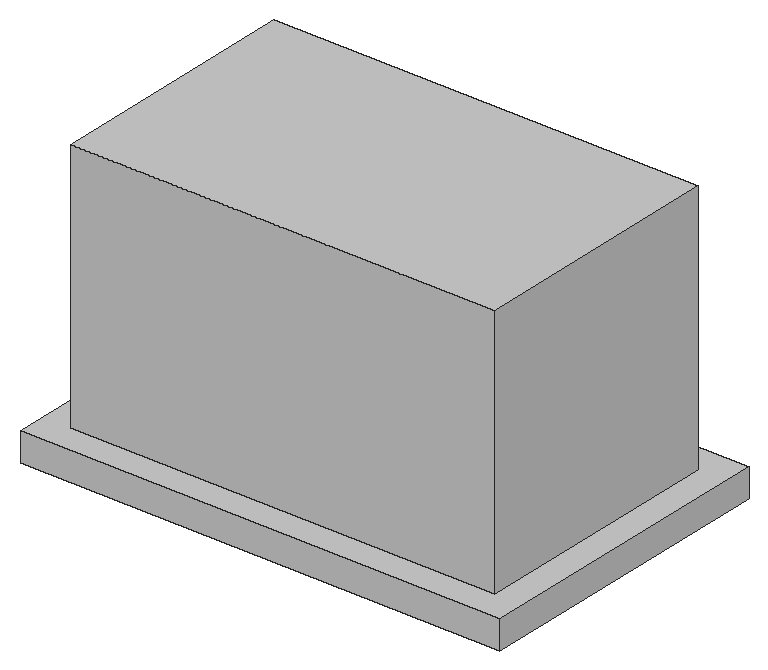
Revit family "BS_FM_Đài Móng - Chữ Nhật", category Structural Foundations, Revit 2019
Family settings
  Material for Model Behavior = Concrete
  Cap = No
  OmniClass Number = 23.25.05.11
  OmniClass Title = Foundation Piles
  Work Plane-Based = No
  Always vertical = Yes
  Cut with Voids When Loaded = No
  Shared = No
Parameters (values of type "1000 x 1000 x 900mm")
  h_BaoVe [instance] = 100 mm
  a4_BaoVe [instance] = 100 mm
  a3_BaoVe [instance] = 100 mm
  a2_BaoVe [instance] = 100 mm
  a1_BaoVe [instance] = 100 mm
  Width = 1500 mm
  Structural Material [instance] = Concrete, Cast-in-Place gray
  Length = 900 mm
  Foundation Thickness = 900 mm
  Diameter = 600 mm
  BS_BeTongMong = @BS-BeTongCotThep
  BS_BeTongLot = @BS-BeTong
  Assembly Code = "A1010130"
Reference planes
  plane 1 "Center (Front/Back)": y = 0
  plane 2: z = 0
  plane 3 "Center (Left/Right)": x = 0
  plane 4: x = -750
  plane 5: x = 750
  plane 6: y = 450
  plane 7: y = -450
  plane 8: z = -900
  plane 9: z = -750
  plane 10: z = -1000
Forms (mm)
  Extrusion 1, solid, material "@BS-BeTongCotThep" <- "BS_BeTongMong"
    sketch origin (0, 0, 0) x (1, 0, 0) y (0, 1, 0)
      loop
        line (-750, 450) -> (-750, -450) -> (750, -450) -> (750, 450) -> (-750, 450)
    from -900 to 0
  Extrusion 2, solid, material "@BS-BeTong" <- "BS_BeTongLot"
    sketch origin (0, 0, 0) x (1, 0, 0) y (0, 1, 0)
      loop
        line (-850, 550) -> (-850, -550) -> (850, -550) -> (850, 550) -> (-850, 550)
    from -1000 to -900
Dimensions and locks
  "Width": plane 4 to plane 5
  equal spacing: plane 4, plane 3 "Center (Left/Right)", plane 5
  "Foundation Thickness": plane 2 to plane 8
  locked: plane 9 to plane 8 at 150
  "a3_BaoVe": plane 7 to Extrusion 2 sketch curve
  "a4_BaoVe": Extrusion 2 sketch curve to plane 6
  "a1_BaoVe": Extrusion 2 sketch curve to plane 4
  "a2_BaoVe": Extrusion 1 to Extrusion 2 sketch curve
  "h_BaoVe": plane 10 to plane 8
  equal spacing: plane 7, plane 1 "Center (Front/Back)", plane 6
  "Length": plane 6 to plane 7
  aligned and locked: plane 4 to Extrusion 1 sketch curve
  aligned and locked: Extrusion 1 sketch curve to plane 5
  aligned and locked: Extrusion 1 sketch curve to plane 6
  aligned and locked: plane 7 to Extrusion 1 sketch curve
  aligned and locked: level to Extrusion 1
  aligned and locked: Extrusion 1 to plane 8
  aligned and locked: Extrusion 2 to Extrusion 1
  aligned and locked: Extrusion 2 to plane 10
